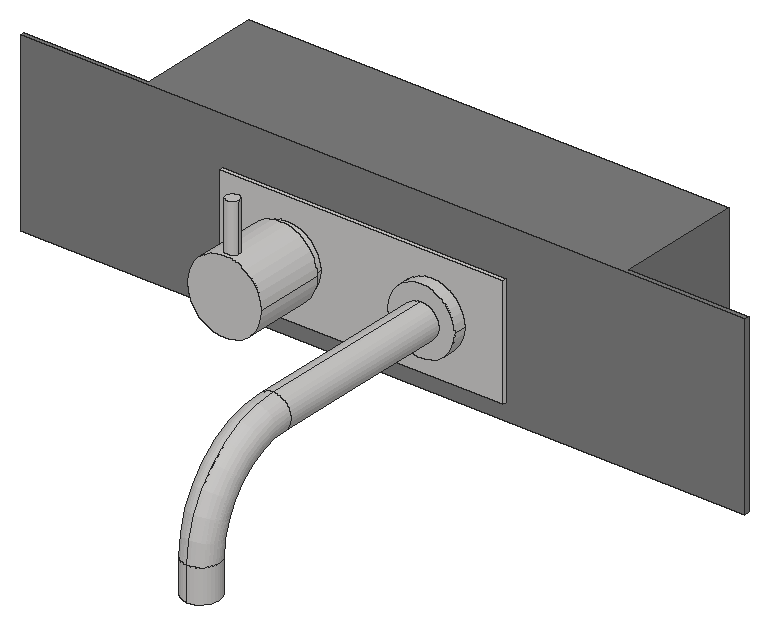
Revit family "112", category Plumbing Fixtures, Revit 2021
Family settings
  Round Connector Dimension = Use Diameter
  Part Type = Normal
  Work Plane-Based = No
  Always vertical = Yes
  Cut with Voids When Loaded = No
  Shared = No
  Room Calculation Point = No
Parameters
  e-mail = "info@vola.com"
  URL = "http://vola.com"
  Telephone = "+45 7023 5500"
  Quality management standard = "ISO 9001"
  Organisation no. / DUNS no. = "17531328"
  Occupational health and safety management standard = "ISO 18001"
  Mounting Instructions = "http://vola.com/service/producturl.ashx?name=112"
  Model = "112"
  Mixer Offset [instance] = 12.00 mm
  Mixer = yes
  Materials and components information = "http://vola.com/service/producturl.ashx?name=112"
  Manufacturer = "VOLA A/S"
  Maintenance Instructions = "http://vola.com/service/producturl.ashx?name=112"
  Guarantee = "2 years"
  Flow = "5,00 l/min"
  Environmental management standard = "ISO 14000"
  Default Elevation = 0.00 mm
  Connection - All relevant connections = "½\" for water connection"
  Approvals = "http://vola.com/service/producturl.ashx?name=112"
Reference planes
  plane 1 "Center (Front/Back)": y = 0
  plane 2: z = 0
  plane 3 "Center (Left/Right)": x = 0
  plane 4 "Mixer plane": y = 12
  plane 5 "Wall Surface": y = 0
Forms (mm)
  Extrusion 1, solid, material "Stainless Steel", visible <- "Mixer"
    sketch origin (16.5, 10, 0) x (0, 0, 1) y (-1, 0, 0)
      loop
        circle (0, 16.5) r 16.5
    from 0 to 10
  Extrusion 2, solid, material "Stainless Steel", visible <- "Mixer"
    sketch origin (-99, 10, 21) x (-1, 0, 0) y (0, 0, -1)
      loop
        circle (-21, 21) r 19.5
    from 0 to 10
Dimensions and locks
  "Mixer Offset": plane 4 "Mixer plane" to plane 1 "Center (Front/Back)"
  aligned and locked: plane 2 to level
  aligned and locked: nested 1 to plane 4 "Mixer plane"
  aligned and locked: nested 2 to nested 2
  aligned and locked: plane 1 "Center (Front/Back)" to Extrusion 2
  aligned and locked: Extrusion 2 to plane 1 "Center (Front/Back)"
  aligned and locked: plane 1 "Center (Front/Back)" to Extrusion 1
Automatic sketch dimensions
  Extrusion 1 sketch curve to Extrusion 1 sketch curve = 0.00 mm  (x2)
  Extrusion 1 sketch curve to Extrusion 1 sketch curve = 16.50 mm
  Extrusion 2 sketch curve to Extrusion 2 sketch curve = 0.00 mm  (x2)
  Extrusion 2 sketch curve to nested 1 = 1.50 mm
  Extrusion 2 sketch curve to nested 1 = 21.00 mm
  Extrusion 2 sketch curve to Extrusion 2 sketch curve = 19.50 mm
Nested families
  nested 1: "100" at (-39, 82.5, -70), visible <- "Mixer", type "100"
  nested 2: "NR28" at (-78, -2, 0), type "NR28"
  nested 3: "010" at (0, -2, 0), type "010"
  nested 4: "3002" at (-38.064, 0, 0) x (-1, 0, 0) z (0, -1, 0), type "3002"
Connectors
  piping at (-51, 57.5, -70), diameter 28
    settings: on nested 1, index 1, connector inside diameter 1.10236", connector length 0.00 mm, flow factor 0, pipe flow 0 GPM, pressure drop 0.00 psi, fitting loss kfactor 0, connector angle 0.00°, fixture units 0, engagement length 0.00 mm, angle of deflection 0.00°, flow configuration 0, flow direction 1, fitting loss method 0, system type 20, joint type 0, gender type 0, connector reference index -1, connector utility 0, adjustable connector no, is connector primary yes, connector description ""
  piping at (-105, 57.5, -70), diameter 28
    settings: on nested 1, index 2, connector inside diameter 1.10236", connector length 0.00 mm, flow factor 0, pipe flow 0 GPM, pressure drop 0.00 psi, fitting loss kfactor 0, connector angle 0.00°, fixture units 0, engagement length 0.00 mm, angle of deflection 0.00°, flow configuration 0, flow direction 1, fitting loss method 0, system type 19, joint type 0, gender type 0, connector reference index -1, connector utility 0, adjustable connector no, is connector primary no, connector description ""
Definition of nested family "100"
  Parameters
    e-mail = "info@vola.com"
    URL = "http://vola.com"
    Telephone = "+45 7023 5500"
    Quality management standard = "ISO 9001"
    Organisation no. / DUNS no. = "17531328"
    Occupational health and safety management standard = "ISO 18001"
    Mounting Instructions = "http://vola.com/service/producturl.ashx?name=100"
    Model = "100"
    Materials and components information = "http://vola.com/service/producturl.ashx?name=100"
    Manufacturer = "VOLA A/S"
    Maintenance Instructions = "http://vola.com/service/producturl.ashx?name=100"
    Guarantee = "2 years"
    Flow = "18,00 l/min"
    Environmental management standard = "ISO 14000"
    Default Elevation = 0.00 mm
    Connection - All relevant connections = ""
    Approvals = "http://vola.com/service/producturl.ashx?name=100"
  Reference planes
    plane 1 "Center (Front/Back)": y = 0
    plane 2: z = 0
    plane 3 "Center (Left/Right)": x = 0
    plane 4 "Front Plane": y = -72.5
    plane 5 "Inlet Center Plane": y = -25
    plane 6: z = 70
  Forms (mm)
    Extrusion 1, solid
      sketch origin (0, 0, 1) x (1, 0, 0) y (0, 0, 1)
        loop
          circle (39, 69) r 16.5
      from 70.5 to 72.5
    Extrusion 2, solid
      sketch origin (1032.5, -2.5, 1) x (-1, 0, 0) y (0, 0, -1)
        loop
          line (1092.5, -90) -> (1092.5, -48) -> (1050.5, -48) -> (1050.5, -90) -> (1092.5, -90)
      from 68 to 70
    Extrusion 3, solid
      sketch origin (0, 0, 1) x (1, 0, 0) y (0, 1, 0)
        loop
          line (-127.5, 0) -> (-127.5, -68) -> (132.5, -68) -> (132.5, 0) -> (-127.5, 0)
      from 21.5 to 116.5
    Extrusion 4, solid
      sketch origin (0, 0, 22.5) x (0, 1, 0) y (1, 0, 0)
        loop
          circle (-25, -12) r 14
      from 0 to 22.5
    Extrusion 5, solid
      sketch origin (-54, 0, 22.5) x (0, 1, 0) y (1, 0, 0)
        loop
          circle (-25, -12) r 14
      from 0 to 22.5
    Extrusion 6, solid
      sketch origin (0, 0, 1) x (1, 0, 0) y (0, 1, 0)
        loop
          line (-195, -68) -> (-195, -70.5) -> (197.5, -70.5) -> (197.5, -68) -> (-195, -68)
      from 21.5 to 116.5
  Cuts and joins
    joined: Extrusion 3, Extrusion 6
  Lines and regions (mm)
    reference lines
      curve 1: line (-39, -25, 70) -> (-39, -122.5, 70)
      curve 2: line (39, -25, 70) -> (39, -122.5, 70)
      curve 3: line (-66, -25, 70) -> (-66, -25, -29)
      curve 4: line (-12, -25, 70) -> (-12, -25, -29)
  Dimensions and locks
    aligned and locked: plane 2 to level
    aligned and locked: plane 6 to curve 4
    aligned and locked: plane 6 to curve 3
    aligned and locked: Extrusion 3 to Extrusion 6
    aligned and locked: Extrusion 6 to Extrusion 3
Definition of nested family "NR28"
  Parameters
    e-mail = "info@vola.com"
    URL = "http://vola.com"
    Telephone = "+45 7023 5500"
    Quality management standard = "ISO 9001"
    Organisation no. / DUNS no. = "17531328"
    Occupational health and safety management standard = "ISO 18001"
    Mounting Instructions = "http://vola.com/service/producturl.ashx?name=NR28"
    Model = "NR28"
    Materials and components information = "http://vola.com/service/producturl.ashx?name=NR28"
    Manufacturer = "VOLA A/S"
    Maintenance Instructions = "http://vola.com/service/producturl.ashx?name=NR28"
    Guarantee = "2 years"
    Environmental management standard = "ISO 14000"
    Default Elevation = 0.00 mm
    Connection - All relevant connections = ""
    Approvals = "http://vola.com/service/producturl.ashx?name=NR28"
  Reference planes
    plane 1 "Center (Front/Back)": y = 0
    plane 2: z = 0
    plane 3 "Center (Left/Right)": x = 0
  Forms (mm)
    Extrusion 1, solid
      sketch origin (0, 0, 0) x (1, 0, 0) y (0, 0, 1)
        loop
          circle (0, 0) r 20
      from 5 to 42.5
    Extrusion 2, solid
      sketch origin (0, -2.75, 0) x (0, -1, 0) y (1, 0, 0)
        loop
          circle (34.5, 0) r 3.5
      from 19 to 45.5
    Extrusion 3, solid
      sketch origin (0, 0, 0) x (1, 0, 0) y (0, 0, 1)
        loop
          circle (0, 0) r 18
      from 0 to 5
  Cuts and joins
    joined: Extrusion 1, Extrusion 2
  Lines and regions (mm)
    model lines
      curve 1: line (6.05, -42.5, 19.141) -> (6.05, -42.5, -19.141)
      curve 2: line (-6.05, -42.5, 19.141) -> (-6.05, -42.5, -19.141)
  Dimensions and locks
    aligned and locked: plane 2 to level
Definition of nested family "010"
  Parameters
    e-mail = "info@vola.com"
    URL = "http://vola.com"
    Telephone = "+45 7023 5500"
    Quality management standard = "ISO 9001"
    Organisation no. / DUNS no. = "17531328"
    Occupational health and safety management standard = "ISO 18001"
    Mounting Instructions = "http://vola.com/service/producturl.ashx?name=010"
    Model = "010"
    Materials and components information = "http://vola.com/service/producturl.ashx?name=010"
    Manufacturer = "VOLA A/S"
    Maintenance Instructions = "http://vola.com/service/producturl.ashx?name=010"
    Guarantee = "2 years"
    Flow = "0 l/min"
    Environmental management standard = "ISO 14000"
    Default Elevation = 0.00 mm
    Connection - All relevant connections = ""
    Approvals = "http://vola.com/service/producturl.ashx?name=010"
  Reference planes
    plane 1 "Center (Front/Back)": y = 0
    plane 2: z = 0
    plane 3 "Center (Left/Right)": x = 0
  Forms (mm)
    Extrusion 1, solid
      sketch origin (0, 0, 0) x (1, 0, 0) y (0, 0, 1)
        loop
          circle (0, 0) r 18
      from 0 to 7
    Sweep 2, solid
      path origin (0, 0, 0) x (0, 1, 0) y (0, 0, 1)
        loop
          line (-7, 0) -> (-107, 0)
          arc (-107, 0) -> (-141.648, -14.352) -> (-156, -49) r 49
      profile origin (0, -141.648, -14.352) x (0, 0.707107, -0.707107) y (1, 0, 0)
        loop
          circle (0, 0) r 9.5
    Extrusion 3, solid
      sketch origin (0, -156, -49) x (0, -1, 0) y (-1, 0, 0)
        loop
          circle (0, 0) r 9.5
      from 0 to 18
  Dimensions and locks
    aligned and locked: plane 2 to level
Definition of nested family "3002"
  Parameters
    e-mail = "info@vola.com"
    URL = "http://vola.com"
    Telephone = "+45 7023 5500"
    Quality management standard = "ISO 9001"
    Organisation no. / DUNS no. = "17531328"
    Occupational health and safety management standard = "ISO 18001"
    Mounting Instructions = "http://vola.com/service/producturl.ashx?name=3002"
    Model = "3002"
    Materials and components information = "http://vola.com/service/producturl.ashx?name=3002"
    Manufacturer = "VOLA A/S"
    Maintenance Instructions = "http://vola.com/service/producturl.ashx?name=3002"
    Guarantee = "2 years"
    Environmental management standard = "ISO 14000"
    Default Elevation = 1219.20 mm
    Connection - All relevant connections = ""
    Approvals = "http://vola.com/service/producturl.ashx?name=3002"
  Reference planes
    plane 1 "Center (Front/Back)": y = 0
    plane 2: z = 0
    plane 3 "Center (Left/Right)": x = 0
  Forms (mm)
    Extrusion 1, solid
      sketch origin (0, 0, 0) x (1, 0, 0) y (0, 1, 0)
        loop
          line (-76.5, 30) -> (-76.5, -30) -> (76.5, -30) -> (76.5, 30) -> (-76.5, 30)
        loop
          circle (39.936, 0) r 16.5
        loop
          circle (-38.064, 0) r 18
      from 0 to 2
  Dimensions and locks
    aligned and locked: plane 2 to level
